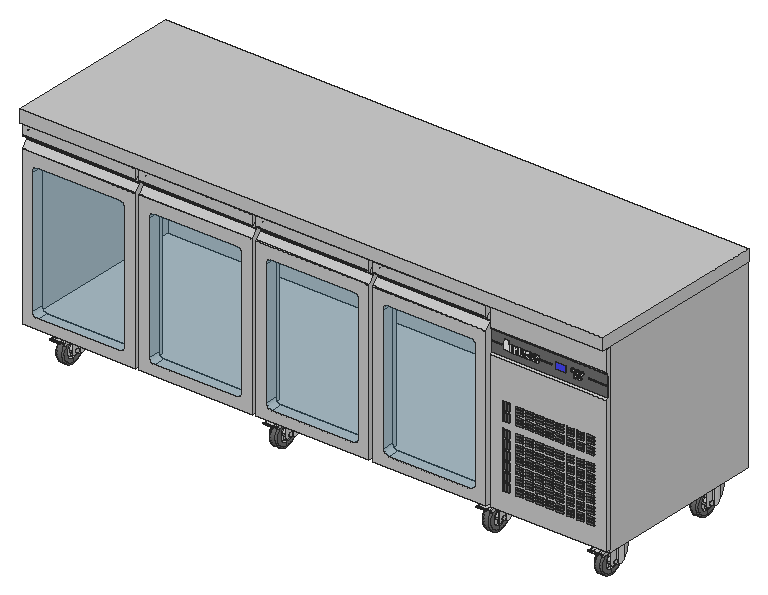
Revit family "QF_INOMAK_PNRP9999_GL_250515024600", category Specialty Equipment, Revit 2021 (continued)
Definition of nested family "QF_INOMAK_REF_COUNTERS_WORKTOPS_14663"
  Reference planes
    plane 8 "Worktop bottom": z = 0
    plane 9 "Upright height": z = 106
    plane 10 "Center Left Right": x = 773
  Lines and regions (mm)
    reference lines
      curve 1: line (773, 0, 106) -> (773, -20, 106)
      curve 2: line (0, -700, 46) -> (1546, -700, 46)
      curve 3: line (1546, -700, 46) -> (1546, 0, 46)
      curve 4: line (0, -700, 46) -> (0, 0, 46)
      curve 5: line (0, 0, 46) -> (1546, 0, 46)
      curve 6: line (773, 0, 0) -> (773, -700, 0)
  Dimensions and locks
    "Length Actual": plane 3 "Left" to plane 4 "Right"
    "Depth Actual": plane 5 "Front" to plane 1 "Back"
    "Backsplash thickness": plane 7 "Backsplash thickness" to plane 1 "Back"
    "Worktop thickness": plane 6 "Top" to plane 8 "Worktop bottom"
    "Backsplash height": plane 9 "Upright height" to plane 6 "Top"
    "Backsplash height": curve 1 to plane 6 "Top"
    "Depth Actual": curve 2 to plane 1 "Back"
    "Length Actual": plane 3 "Left" to curve 3
    "Length Actual": curve 4 to plane 4 "Right"
    "Depth Actual": curve 5 to plane 5 "Front"
    equal spacing: plane 3 "Left", plane 10 "Center Left Right", plane 4 "Right"
    "Height AFF": plane 8 "Worktop bottom" to plane 2
    "Height AFF": curve 6 to plane 2
    aligned and locked: level to plane 2
    aligned and locked: plane 3 "Left" to nested 1
    aligned and locked: plane 1 "Back" to nested 1
  Automatic sketch dimensions
    curve 6 to plane 1 "Back" = 0 mm
    curve 1 to plane 1 "Back" = 0 mm
    curve 1 to plane 7 "Backsplash thickness" = 0 mm
    curve 6 to plane 5 "Front" = 0 mm
  Nested families
    nested 1: "Worktop" at (0, 0, 0), Length Actual <- "Length Actual", Depth Actual <- "Depth Actual", Height AFF <- "Height AFF", Worktop thickness <- "Worktop thickness", Backsplash thickness <- "Backsplash thickness", Backsplash height <- "Backsplash height", type "without backsplash"
      with Worktop thickness 46 mm, Length Actual 1546 mm, Height AFF 0 mm, Depth Actual 700 mm, Backsplash thickness 20 mm, Backsplash height 60 mm, Worktop without backsplash no, Worktop with backsplash yes
  Definition of nested family "Worktop"
    Parameters (values of type "with backsplash")
      Worktop without backsplash = no
      Worktop with backsplash = yes
      Worktop thickness [instance] = 40 mm
      Without worktop = no
      URL = ""
      Model = ""
      Manufacturer = ""
      Length Actual [instance] = 1200 mm
      Height AFF [instance] = 860 mm
      Finish = none
      Description = "TABLE WITH BACKSPLASH"
      Depth Actual [instance] = 700 mm
      Default Elevation = 0 mm
      Backsplash thickness [instance] = 20 mm
      Backsplash height [instance] = 100 mm
      Assembly Code = "E1090320"
    Types (3, lengths in mm): name | Worktop without backsplash | Worktop with backsplash | Without worktop
      with backsplash | no | yes | no
      without backsplash | yes | no | no
      without worktop | no | no | yes
    Reference planes
      plane 1 "Back": y = 0
      plane 2: z = 0
      plane 3 "Left": x = 0
      plane 4 "Right": x = 1200
      plane 5 "Front": y = -700
      plane 6 "Top": z = 900
      plane 7 "Backsplash thickness": y = -20
      plane 8 "Worktop bottom": z = 860
      plane 9 "Upright height": z = 1000
      plane 10 "Center Left Right": x = 600
    Forms (mm)
      Extrusion 1, solid, material <- "Finish", visible <- "Worktop with backsplash"
        sketch origin (0, 0, 0) x (0, 1, 0) y (0, 0, 1)
          loop
            line (0, 1000) -> (-20, 1000) -> (-20, 900) -> (-700, 900) -> (-700, 860) -> (0, 860) -> (0, 1000)
        from 0 to 1200
      Extrusion 2, solid, material <- "Finish", visible <- "Worktop without backsplash"
        sketch origin (0, 0, 0) x (0, 1, 0) y (0, 0, 1)
          loop
            line (0, 860) -> (0, 900) -> (-700, 900) -> (-700, 860) -> (0, 860)
        from 0 to 1200
    Lines and regions (mm)
      Masking region 1, visible <- "Worktop with backsplash"
        outline origin (0, 0, 900) x (0, 1, 0) y (-1, 0, 0)
          loop
            line (0, 0) -> (-700, 0) -> (-700, -1200) -> (0, -1200) -> (0, 0)
      Masking region 2, visible <- "Worktop without backsplash"
        outline origin (0, 0, 900) x (0, 1, 0) y (-1, 0, 0)
          loop
            line (0, 0) -> (-700, 0) -> (-700, -1200) -> (0, -1200) -> (0, 0)
      symbolic lines, visible <- "Worktop with backsplash"
        curve 1: line (0, 0, 0) -> (1200, 0, 0)
        curve 2: line (1200, 0, 0) -> (1200, -700, 0)
        curve 3: line (1200, -700, 0) -> (0, -700, 0)
        curve 4: line (0, -700, 0) -> (0, 0, 0)
        curve 5: line (0, -20, 0) -> (1200, -20, 0)
      symbolic lines, visible <- "Worktop without backsplash"
        curve 6: line (0, 0, 0) -> (1200, 0, 0)
        curve 7: line (1200, 0, 0) -> (1200, -700, 0)
        curve 8: line (1200, -700, 0) -> (0, -700, 0)
        curve 9: line (0, -700, 0) -> (0, 0, 0)
      symbolic lines, visible <- "Without worktop"
        curve 10: line (0, 0, 0) -> (1200, 0, 0)
        curve 11: line (1200, 0, 0) -> (1200, -700, 0)
        curve 12: line (1200, -700, 0) -> (0, -700, 0)
        curve 13: line (0, -700, 0) -> (0, 0, 0)
      reference lines
        curve 14: line (600, 0, 1000) -> (600, -20, 1000)
        curve 15: line (0, -700, 900) -> (1200, -700, 900)
        curve 16: line (1200, -700, 900) -> (1200, 0, 900)
        curve 17: line (0, -700, 900) -> (0, 0, 900)
        curve 18: line (0, 0, 900) -> (1200, 0, 900)
        curve 19: line (600, 0, 860) -> (600, -700, 860)
    Dimensions and locks
      "Length Actual": plane 3 "Left" to plane 4 "Right"
      "Depth Actual": plane 5 "Front" to plane 1 "Back"
      "Backsplash thickness": plane 7 "Backsplash thickness" to plane 1 "Back"
      "Worktop thickness": plane 6 "Top" to plane 8 "Worktop bottom"
      "Backsplash height": plane 9 "Upright height" to plane 6 "Top"
      "Backsplash height": curve 14 to plane 6 "Top"
      "Depth Actual": curve 15 to plane 1 "Back"
      "Length Actual": plane 3 "Left" to curve 16
      "Length Actual": curve 17 to plane 4 "Right"
      "Depth Actual": curve 18 to plane 5 "Front"
      equal spacing: plane 3 "Left", plane 10 "Center Left Right", plane 4 "Right"
      "Height AFF": plane 8 "Worktop bottom" to plane 2
      "Height AFF": curve 19 to plane 2
      aligned and locked: level to plane 2
      aligned and locked: Extrusion 1 to plane 4 "Right"
      aligned and locked: Extrusion 1 sketch curve to plane 7 "Backsplash thickness"
      aligned and locked: curve 5 to plane 7 "Backsplash thickness"
      aligned and locked: Extrusion 1 sketch curve to plane 8 "Worktop bottom"
      aligned and locked: plane 9 "Upright height" to Extrusion 1 sketch curve
      aligned and locked: plane 6 "Top" to Extrusion 1 sketch curve
      aligned and locked: plane 6 "Top" to Extrusion 2 sketch curve
      aligned and locked: Extrusion 2 sketch curve to plane 1 "Back"
      aligned and locked: Extrusion 2 sketch curve to plane 8 "Worktop bottom"
      aligned and locked: Extrusion 2 sketch curve to plane 5 "Front"
      aligned and locked: Extrusion 2 to plane 4 "Right"
      aligned and locked: Masking region 1 sketch curve to Extrusion 1  (x4)
      aligned and locked: Masking region 2 sketch curve to Extrusion 1  (x4)
    Automatic sketch dimensions
      plane 1 "Back" to curve 1 = 0 mm
      curve 13 to plane 3 "Left" = 0 mm
      curve 7 to plane 4 "Right" = 0 mm
      curve 13 to plane 5 "Front" = 0 mm
      Extrusion 1 sketch curve to plane 1 "Back" = 0 mm
      Extrusion 1 sketch curve to plane 5 "Front" = 0 mm
      curve 19 to plane 1 "Back" = 0 mm
      curve 14 to plane 1 "Back" = 0 mm
      curve 14 to plane 7 "Backsplash thickness" = 0 mm
      curve 19 to plane 5 "Front" = 0 mm
      curve 16 to plane 5 "Front" = 0 mm
      curve 17 to plane 5 "Front" = 0 mm
      plane 1 "Back" to curve 17 = 0 mm
      plane 1 "Back" to curve 16 = 0 mm
      curve 15 to plane 4 "Right" = 0 mm
      curve 18 to plane 4 "Right" = 0 mm
      curve 18 to plane 3 "Left" = 0 mm
      curve 15 to plane 3 "Left" = 0 mm
Definition of nested family "CONN_POINT_DRAIN_2D___Generic_Annotation"
  Parameters (values of type "CONN_POINT_DRAIN_2D___Generic_Annotation")
    Onboard connection annotation symbol visibility [instance] = yes
  Reference planes
    plane 1: y = 0
    plane 2: x = 0
  Lines and regions (mm)
    detail lines, visible <- "Onboard connection annotation symbol visibility"
      curve 1: circle (0, 0, 0) r 0.5 normal (0, 0, 1)
      curve 2: line (-1, 0, 0) -> (1, 0, 0)
      curve 3: line (0, 1, 0) -> (0, -1, 0)
      curve 4: line (1.776, 1, 0) -> (1.25, 1, 0)
      curve 5: line (1.25, 1, 0) -> (1.25, -1, 0)
      curve 6: line (1.25, -1, 0) -> (1.776, -1, 0)
      curve 7: arc (2.206, -0.862, 0) -> (2.459, -0.589, 0) -> (2.583, -0.238, 0) r 0.918
      curve 8: arc (2.583, 0.238, 0) -> (2.459, 0.589, 0) -> (2.206, 0.862, 0) r 0.918
      curve 9: arc (2.583, -0.238, 0) -> (2.599, 0, 0) -> (2.583, 0.238, 0) r 1.77
      curve 10: arc (2.206, 0.862, 0) -> (2.002, 0.965, 0) -> (1.776, 1, 0) r 0.741
      curve 11: arc (1.776, -1, 0) -> (2.002, -0.965, 0) -> (2.206, -0.862, 0) r 0.741
Definition of nested family "CONN_POINT_ELE_2D___Generic_Annotation"
  Parameters (values of type "CONN_POINT_ELE_2D___Generic_Annotation")
    Onboard connection annotation symbol visibility [instance] = yes
  Reference planes
    plane 1: y = 0
    plane 2: x = 0
  Lines and regions (mm)
    detail lines, visible <- "Onboard connection annotation symbol visibility"
      curve 1: circle (0, 0, 0) r 0.5 normal (0, 0, 1)
      curve 2: line (-1, 0, 0) -> (1, 0, 0)
      curve 3: line (0, 1, 0) -> (0, -1, 0)
      curve 4: line (2.5, 1, 0) -> (1.25, 1, 0)
      curve 5: line (1.25, 1, 0) -> (1.25, -1, 0)
      curve 6: line (1.25, -1, 0) -> (2.5, -1, 0)
      curve 7: line (1.25, 0, 0) -> (2, 0, 0)
